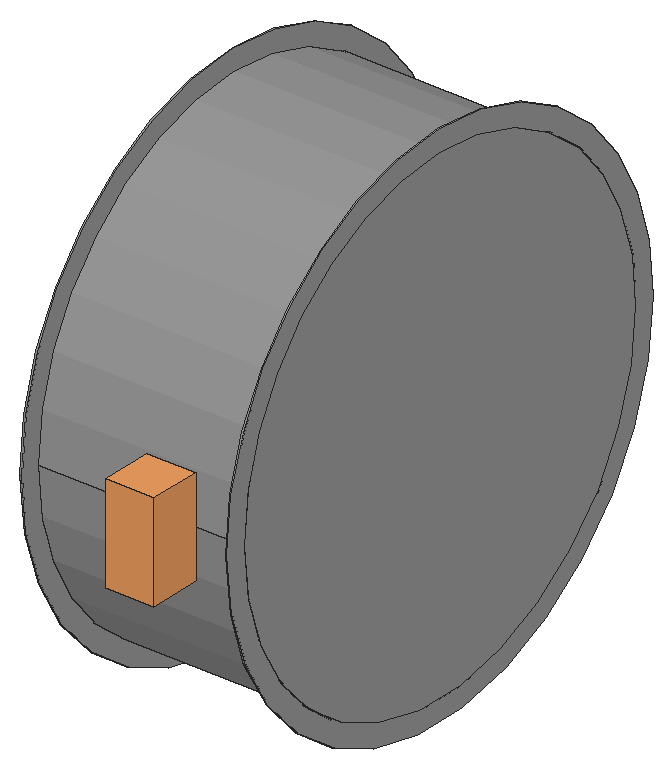
Revit family "Противопожарный клапан KZO-2K", category Оборудование, Revit 2020
Family settings
  Размер круглого соединителя = Использовать диаметр
  Классификация = Нет
  Тип детали = Нормальный
  Номер OmniClass = 23.75.70.00
  Заголовок OmniClass = HVAC Distribution Devices
  На основе рабочей плоскости = Нет
  Всегда вертикально = Да
  При загрузке вырезать с полостями = Нет
  Общий = Нет
  Точка расчета площади = Нет
Parameters (values of type "KZO-2K")
  Функциональное назначение выбор [instance] = ╂ : 0
  Функциональное назначение [instance] = if(Функциональное назначение выбор = Z, "Z", "0")  # "Z"
  Фланцевое/ниппельное соединение [instance] = Тип соединения выбор = F  # yes
  Тип соединения выбор [instance] = ┿ : F
  Тип соединения [instance] = if(Тип соединения выбор = F, "F", "N")  # "F"
  Тип привода выбор [instance] = ╀ : S
  Тип привода [instance] = if(Тип привода выбор = S, "S", "M")  # "S"
  Предел огнестойкости выбор [instance] = ╃ : 60 мин
  Предел огнестойкости [instance] = if(Предел огнестойкости выбор = [60 мин], "60", if(Предел огнестойкости выбор = [90 мин], "90", "120"))  # "60"
  Отметка по умолчанию = 0 mm
  Наличие ТЗ или ТРУ выбор [instance] = ╁ : T
  Наличие ТЗ или ТРУ [instance] = if(Наличие ТЗ или ТРУ выбор = T, "T", "X")  # "T"
  Назначение [instance] = 1
  Длина L [instance] = if(and(Тип соединения выбор = F, Предел огнестойкости выбор = [60 мин]), 300 mm, 320 mm)  # 300 mm
  Z = ╂ : 0
  X = ╁ : T
  T = ╁ : T
  S = ╀ : S
  N = ┿ : F
  M = ╀ : S
  LT = "KZO-2K"  # constant formula
  F = ┿ : F
  D2 [instance] = [D - Типоразмер клапана (мм)] / 2  # 355 mm
  D1 [instance] = [D - Типоразмер клапана (мм)] / 2 + 75 mm  # 430 mm
  D - Типоразмер клапана (мм) [instance] = 710 mm
  ADSK_Свободный напор воздуха = 0.0 Pa
  ADSK_Расход воздуха [instance] = 0 m³/h
  ADSK_Полная мощность = ADSK_Номинальная мощность / ADSK_Коэффициент мощности  # 5 VA
  ADSK_Номинальная мощность = 5 W
  ADSK_Напряжение = 220 V
  ADSK_Наименование краткое = "Противопожарный клапан KZO-2K"
  ADSK_Наименование = "Противопожарный клапан"
  ADSK_Материал = ВЕРТРО_Алюминий
  ADSK_Масса_Текст = "13.6 кг"
  ADSK_Масса = 13.6
  ADSK_Марка [instance] = size_lookup(LT, "Mark", "Не найдено: Противопожарный клапан KZO-2K", Тип соединения, Наличие ТЗ или ТРУ, ADSK_Напряжение, Тип привода, Функциональное назначение, Предел огнестойкости, [D - Типоразмер клапана (мм)])  # "KZO-2K-60-710-Z-S220-T-F"
  ADSK_Коэффициент мощности = 1
  ADSK_Количество фаз = 3
  ADSK_Количество = 1  # constant formula
  ADSK_Код изделия = ""
  ADSK_Классификация нагрузок = ОВК
  ADSK_Завод-изготовитель = "ВЕРТРО"  # constant formula
  ADSK_Единица измерения = "шт."
  90 мин = ╃ : 90 мин
  60 мин = ╃ : 60 мин
  120 мин = ╃ : 120 мин
  0 = ╂ : 0
Reference planes
  plane 1 "По центру (Вперед/Назад)": y = 0
  plane 2: z = 0
  plane 3 "По центру (Влево/Вправо)": x = 0
  plane 4: x = 300
  plane 5: x = 160
  plane 6: y = -430
  plane 7: z = 70.343
  plane 8: z = -70.343
Forms (mm)
  Extrusion 1, solid, material "ВЕРТРО_Алюминий" <- "ADSK_Материал"
    sketch origin (0, 0, 0) x (0, 1, 0) y (0, 0, 1)
      loop
        circle (0, 0) r 355
    from 0 to 300
  Sweep 2, solid, material "ВЕРТРО_Алюминий" <- "ADSK_Материал", visible <- "Фланцевое/ниппельное соединение"
    path in 3D
      loop
        arc (0, -355, 0) -> (0, 0, -355) -> (0, 355, 0) r 355
        arc (0, 355, 0) -> (0, 0, 355) -> (0, -355, 0) r 355
    profile origin (0, 0, 355) x (0, 0, 1) y (-1, 0, 0)
      loop
        line (0, 0) -> (0, -2.02) -> (30, -2.02) -> (30, 0) -> (0, 0)
  Sweep 3, solid, material "ВЕРТРО_Алюминий" <- "ADSK_Материал", visible <- "Фланцевое/ниппельное соединение"
    path in 3D
      loop
        arc (300, 355, 0) -> (300, 0, -355) -> (300, -355, 0) r 355
        arc (300, -355, 0) -> (300, 0, 355) -> (300, 355, 0) r 355
    profile origin (300, 0, 355) x (0, 0, 1) y (1, 0, 0)
      loop
        line (0, 0) -> (0, -2.045) -> (30, -2.045) -> (30, 0) -> (0, 0)
  Extrusion 4, solid, material "ВЕРТРО_Пластик"
    sketch origin (0, 0, 0) x (1, 0, 0) y (0, 1, 0)
      loop
        line (230, -430) -> (230, -355) -> (160, -355) -> (160, -430) -> (230, -430)
    from -70.343 to 70.343
Lines and regions (mm)
  sketch lines
    curve 1: arc (0, 355, 0) -> (0, 0, 355) -> (0, -355, 0) r 355
    curve 2: arc (0, -355, 0) -> (0, 0, -355) -> (0, 355, 0) r 355
    curve 3: arc (300, -355, 0) -> (300, 0, 355) -> (300, 355, 0) r 355
    curve 4: arc (300, 355, 0) -> (300, 0, -355) -> (300, -355, 0) r 355
Dimensions and locks
  locked: Sweep 2 sketch curve to Sweep 2 sketch curve at 2.02
  locked: Sweep 2 sketch curve to Sweep 2 sketch curve at 30
  locked: Sweep 3 sketch curve to Sweep 3 sketch curve at 30
  locked: Sweep 3 sketch curve to Sweep 3 sketch curve at 2.045
  "D1": plane 6 to plane 1 "По центру (Вперед/Назад)"
  plane 5 to plane 4 = 140 mm
  "D2": Extrusion 4 sketch curve to plane 1 "По центру (Вперед/Назад)"
  Extrusion 4 sketch curve to plane 4 = 70 mm
  equal spacing: plane 7, level, plane 8
  plane 7 to plane 8 = 140.685 mm
  "Длина L": plane 3 "По центру (Влево/Вправо)" to plane 4
  Extrusion 4 to Extrusion 4 = 70 mm
  "D - Типоразмер клапана (мм)": diameter of Extrusion 1 sketch curve
  aligned and locked: level to plane 2
  aligned and locked: plane 4 to Extrusion 1
  aligned and locked: plane 6 to Extrusion 4 sketch curve
  aligned and locked: plane 5 to Extrusion 4 sketch curve
  aligned and locked: Extrusion 4 to plane 7
  aligned and locked: Extrusion 4 to plane 8
Automatic sketch dimensions
  Sweep 2 sketch curve to profile plane = 0 mm
  profile plane to Sweep 2 sketch curve = 0 mm
  Sweep 3 sketch curve to profile plane = 0 mm  (x2)
  Extrusion 1 sketch curve to level = 0 mm
  Extrusion 1 sketch curve to plane 1 "По центру (Вперед/Назад)" = 0 mm
Connectors
  hvac at (0, 0, 0), driven by "ADSK_Расход воздуха", driven by "D - Типоразмер клапана (мм)"
    settings: on Extrusion 1, index 1, duct flow 0 m³/h, flow factor 0, pres drop 0.0 Pa, loss coef 0, conn angle 0.00°, conn width 304.8 mm, conn height 304.8 mm, conn diameter 710 mm, duct sys type 29, conn prof type 0, flow config 0, flow direction 1, loss method 0, conn ref index 2, conn util no, is conn primary yes, conn desc ""
  hvac at (300, 0, 0), driven by "ADSK_Расход воздуха", driven by "D - Типоразмер клапана (мм)"
    settings: on Extrusion 1, index 2, duct flow 0 m³/h, flow factor 0, pres drop 0.0 Pa, loss coef 0, conn angle 0.00°, conn width 304.8 mm, conn height 304.8 mm, conn diameter 710 mm, duct sys type 29, conn prof type 0, flow config 0, flow direction 2, loss method 0, conn ref index 1, conn util no, is conn primary no, conn desc ""
  electrical at (195, -430, 0), driven by "ADSK_Количество фаз", driven by "ADSK_Классификация нагрузок", driven by "ADSK_Напряжение", driven by "ADSK_Полная мощность", driven by "ADSK_Коэффициент мощности"
    settings: on Extrusion 4, index 3, voltage 220 V, apparent load 5 VA, apparent load phase1 0 VA, apparent load phase2 0 VA, apparent load phase3 0 VA, power factor 1, load classification "ОВК", number of poles 3, system type 30, power factor state 1, is connector primary yes, connector utility no, sub classification motor no, connector description ""
